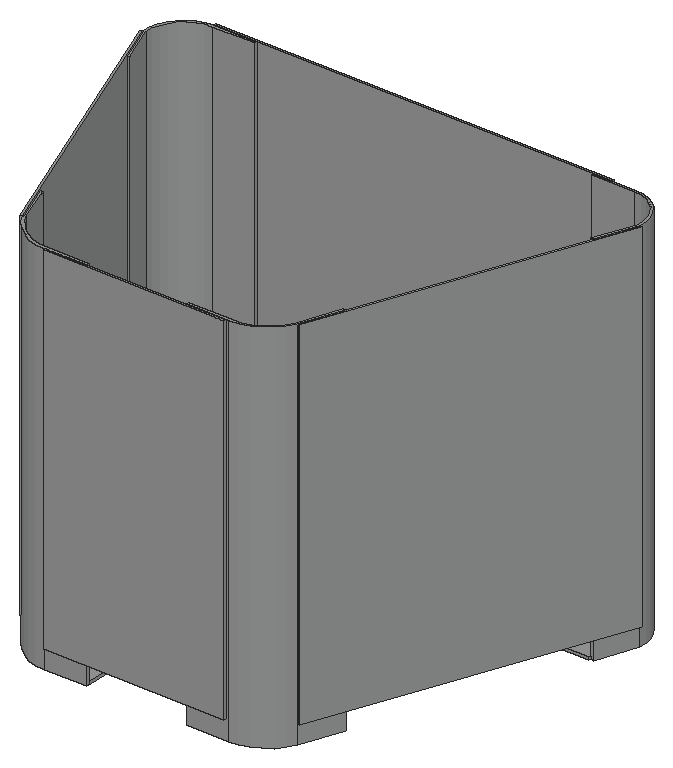
Revit family "1510-S", category Meble, Revit 2021
Family settings
  Numer OmniClass = 23.40.20.00
  Tytuł OmniClass = General Furniture and Specialties
  Oparty na płaszczyźnie roboczej = Nie
  Zawsze pionowo = Tak
  Tnij formami wycięć po wczytaniu = Nie
  Współdzielony = Nie
  Punkt obliczania pomieszczeń = Nie
Parameters (values of type "1510-S")
  metal = Mobilis Design RAL 9023
  Width = "44 cm"
  Weight = "35 kg"
  URL = ""
  Size = "70 L"
  Product line = "AQUILA"
  Product Groups = ""
  Manufacturer = ""
  Keynote = ""
  Description = ""
  Model = "1510-S"
  Material = ""
  Maintenance = ""
  Lenght = "60 cm"
  Type Comments = ""
  Mobilis Design Materials = ""
  Hosted on = ""
  Height = "45 cm"
  Domyślna rzędna = 0 mm
  Copyright = "All designs and drawings are the common intellectual property of Lars Laj A/S and Tress and are protected by Danish and international copyright laws."
Reference planes
  plane 1 "front": y = 0
  plane 2: z = 0
  plane 3 "Środek (Lewa/Prawa)": x = 0
  plane 4 "left": x = -247.535
  plane 5 "back": y = 400
  plane 6: x = 264.233
  plane 7: z = 301.491
Forms (mm)
  Extrusion 1, solid, material "Mobilis Design RAL 9023" <- "metal", not visible
    sketch origin (0, 0, 0) x (0, 1, 0) y (0, 0, 1)
      loop
        arc (71.187, 451.5) -> (57.045, 445.642) -> (51.187, 431.5) r 20
        line (51.187, 431.5) -> (51.187, 18.231)
        arc (51.187, 18.231) -> (56.527, 5.34) -> (69.418, 0) r 18.231
        line (69.418, 0) -> (153.638, 0) -> (153.638, 15) -> (448.638, 15) -> (448.638, 0) -> (527.023, 0)
        arc (527.023, 0) -> (542.307, 6.331) -> (548.638, 21.615) r 21.615
        line (548.638, 21.615) -> (548.638, 429.407)
        arc (548.638, 429.407) -> (542.168, 445.029) -> (526.545, 451.5) r 22.093
        line (526.545, 451.5) -> (71.187, 451.5)
    from 750.378 to 745
  Extrusion 2, solid, material "Mobilis Design RAL 9023" <- "metal", not visible
    sketch origin (0, 0, 0) x (0, 1, 0) y (0, 0, 1)
      loop
        line (548.638, 396.844) -> (629.375, 854.725) -> (601.836, 859.581)
        arc (601.836, 859.581) -> (585.224, 855.898) -> (576.082, 841.547) r 22.232
        line (576.082, 841.547) -> (507.306, 451.5) -> (526.545, 451.5)
        arc (526.545, 451.5) -> (542.168, 445.029) -> (548.638, 429.407) r 22.093
        line (548.638, 429.407) -> (548.638, 396.844)
    from 745 to 750.378
  Extrusion 3, solid, material "Mobilis Design RAL 9023" <- "metal"
    sketch origin (240, 0, 0) x (1, 0, 0) y (0, 1, 0)
      loop
        line (-482.308, 399.984) -> (-431.455, 399.883) -> (-431.455, 402.983) -> (-482.358, 402.984)
        arc (-482.358, 402.984) -> (-515.397, 387.439) -> (-527.195, 352.883) r 46.771
        line (-527.195, 352.883) -> (-509.112, 305.896) -> (-505.919, 305.896) -> (-524.234, 353.541)
        arc (-524.234, 353.541) -> (-513.075, 385.613) -> (-482.308, 399.984) r 43.652
      loop
        line (-391.774, 9.365) -> (-409.853, 56.34) -> (-413.068, 56.34) -> (-394.546, 8.213)
        arc (-394.546, 8.213) -> (-372.56, -17.482) -> (-340.133, -27.077) r 59.594
        line (-340.133, -27.077) -> (-290.133, -27.077) -> (-290.133, -24.077) -> (-340.133, -24.077)
        arc (-340.133, -24.077) -> (-370.895, -14.987) -> (-391.774, 9.365) r 56.594
      loop
        arc (21.058, 399.984) -> (51.825, 385.613) -> (62.984, 353.541) r 43.652
        line (62.984, 353.541) -> (44.669, 305.896) -> (47.862, 305.896) -> (65.945, 352.883)
        arc (65.945, 352.883) -> (54.147, 387.439) -> (21.108, 402.984) r 46.771
        line (21.108, 402.984) -> (-29.795, 402.983) -> (-29.795, 399.883) -> (21.058, 399.984)
      loop
        arc (-69.476, 9.365) -> (-90.355, -14.987) -> (-121.117, -24.077) r 56.594
        line (-121.117, -24.077) -> (-171.117, -24.077) -> (-171.117, -27.077) -> (-121.117, -27.077)
        arc (-121.117, -27.077) -> (-88.69, -17.482) -> (-66.704, 8.213) r 59.594
        line (-66.704, 8.213) -> (-48.182, 56.34) -> (-51.397, 56.34) -> (-69.476, 9.365)
    from 0 to 450
  Extrusion 4, solid, material "Mobilis Design RAL 9023" <- "metal"
    sketch origin (240, 0, 0) x (1, 0, 0) y (0, 1, 0)
      loop
        line (-394.546, 8.213) -> (-527.195, 352.883) -> (-529.995, 351.806) -> (-397.345, 7.135) -> (-394.546, 8.213)
      loop
        line (-66.704, 8.213) -> (-63.905, 7.135) -> (68.745, 351.806) -> (65.945, 352.883) -> (-66.704, 8.213)
      loop
        line (-482.36, 402.984) -> (-7.88, 402.984) -> (-7.88, 405.883) -> (-482.36, 405.883) -> (-482.36, 402.984)
      loop
        line (-339.133, -27.077) -> (-339.133, -30.068) -> (-124.366, -30.068) -> (-124.366, -27.077) -> (-339.133, -27.077)
    from 23.5 to 450
  Extrusion 5, solid, material "Kobenhagen RAL 5012"
    sketch origin (240, 0, 0) x (1, 0, 0) y (0, 1, 0)
      loop
        arc (-491.434, 401.734) -> (-515.667, 384.474) -> (-527.242, 357.066) r 54.56
        line (-527.242, 357.066) -> (-390.047, 0.584)
        arc (-390.047, 0.584) -> (-368.516, -19.259) -> (-340.133, -26.452) r 59.594
        line (-340.133, -26.452) -> (-124.867, -26.452)
        arc (-124.867, -26.452) -> (-95.091, -18.48) -> (-73.282, 3.303) r 59.594
        line (-73.282, 3.303) -> (62.312, 355.623)
        arc (62.312, 355.623) -> (51.161, 384.938) -> (24.673, 401.734) r 49.688
        line (24.673, 401.734) -> (-491.434, 401.734)
    from 23.5 to 27.496
  Extrusion 6, solid, material "Mobilis Design RAL 9023" <- "metal"
    sketch origin (240, 0, 0) x (1, 0, 0) y (0, 1, 0)
      loop
        line (-524.234, 353.541) -> (-505.091, 303.741) -> (-431.455, 303.741) -> (-431.455, 399.883) -> (-482.308, 399.984)
        arc (-482.308, 399.984) -> (-513.075, 385.613) -> (-524.234, 353.541) r 43.652
      loop
        arc (62.984, 353.541) -> (51.825, 385.613) -> (21.058, 399.984) r 43.652
        line (21.058, 399.984) -> (-29.795, 399.883) -> (-29.795, 303.741) -> (43.841, 303.741) -> (62.984, 353.541)
      loop
        arc (-391.774, 9.365) -> (-370.895, -14.987) -> (-340.133, -24.077) r 56.594
        line (-340.133, -24.077) -> (-290.133, -24.077) -> (-290.133, 55.901) -> (-409.684, 55.901) -> (-391.774, 9.365)
      loop
        line (-69.476, 9.365) -> (-51.566, 55.901) -> (-171.117, 55.901) -> (-171.117, -24.077) -> (-121.117, -24.077)
        arc (-121.117, -24.077) -> (-90.355, -14.987) -> (-69.476, 9.365) r 56.594
    from 0 to 3.212
Dimensions and locks
  aligned and locked: level to plane 2
